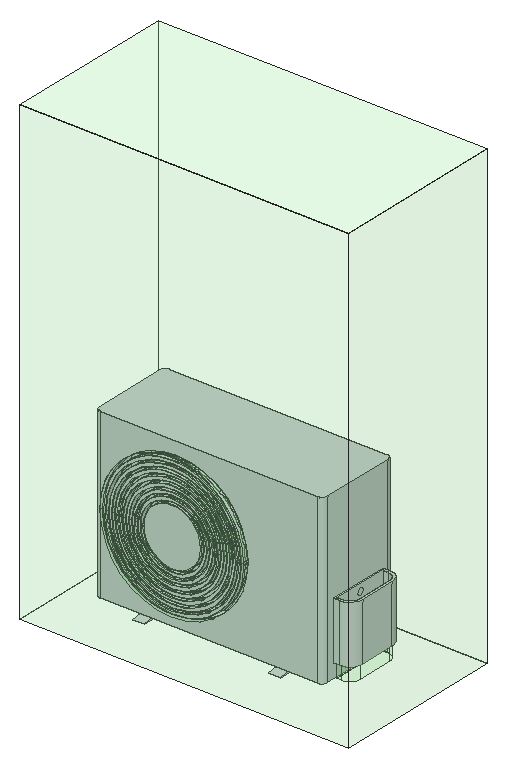
Revit family "BC_Hitachi_RAS2-2.5-HVNP1_LOD400_", category Equipement de génie climatique, Revit 2016
Family settings
  Type d'élément = Normal
  Cote de connecteur circulaire = Utiliser le diamètre
  Numéro OmniClass = 23.75.00.00
  Titre OmniClass = Climate Control (HVAC)
  Basée sur le plan de construction = Non
  Toujours verticalement = Oui
  Couper avec des vides une fois chargée = Non
  Partagée = Non
  Point de calcul de pièce = Non
Parameters (values of type "RAS-2.5HVNP1")
  Sound power at rated load (dB(A)) = 63
  Product Code = "60288616"
  Overall Width = 792.00 mm
  Overall Height = 600.00 mm
  Overall Depth = 300.00 mm
  Number of Poles = "1"
  Nominal heating power input = 1.3 kW
  Nominal cooling power input = 1.22 kW
  Nominal Voltage = 230 V
  Nominal Current = 14 A
  Modèle = "Outdoor Unit - IVX Premium"
  Minimum AC Voltage = 207 V
  Maximum Input Power = 3.6 kW
  Maximum AC Voltage = 253 V
  Mass = 41.00 kg
  Liquid Diameter = 6.35 mm
  Heating Capacity = 6.3 kW
  Gas Diameter = 12.70 mm
  Frequency = 50 Hz
  Fan diameter = 500.00 mm
  Energy Efficiency Ratio (EER) = 4.18
  Sound pressure level heating (dB(A)) = "47"
  Sound pressure level Night mode cooling (dB(A)) = "43"
  Sound pressure level cooling (dB(A)) = "45"
  Service space [instance] = yes
  Running current heating = 5.9 A
  Running current cooling = 5.9 A
  Refrigerant charge = 1.60 kg
  Refrigerant = "R410A"
  Recommended circuit breaker = 20 A
  Nominal heating capacity (min) = 2.2 kW
  Nominal heating capacity (max) = 8 kW
  Nominal cooling capacity (min) = 2.2 kW
  Nominal cooling capacity (max) = 6.3 kW
  Minimum Connected Capacity (%) = "90"
  Maximum Connected Capacity (%) = "110"
  Maximum Air Flow = 40600.0 L/min
  Hight liquid pipe = 111.00 mm
  Hight Gas pipe = 172.00 mm
  Fabricant = "HITACHI"
  Description = "The CENTRIFUGE IVX solution has been created for integrate this outdoor group inside the building"
  Cooling Capacity = 5.6 kW
  Commentaires du type = "RAS HVNP"
  Coefficient Of Performance (COP) = 4.92
Types (2, lengths in mm): name | Sound power at rated load (dB(A)) | Product Code | Nominal heating power input | Nominal cooling power input | Nominal Current | Maximum Input Power | Heating Capacity | Energy Efficiency Ratio (EER) | Sound pressure level heating (dB(A)) | Sound pressure level Night mode cooling (dB(A)) | Sound pressure level cooling (dB(A)) | Running current heating | Running current cooling | Recommended circuit breaker | Nominal heating capacity (max) | Nominal cooling capacity (max) | Cooling Capacity | Coefficient Of Performance (COP)
  RAS-2HVNP1 | 62 | "60288615" | 1.13 kW | 1.17 kW | 12 A | 3.1 kW | 5.6 kW | 4.03 | "49" | "42" | "44" | 5.1 A | 5.3 A | 16 A | 7.1 kW | 5.6 kW | 5 kW | 4.68
  RAS-2.5HVNP1 | 63 | "60288616" | 1.3 kW | 1.22 kW | 14 A | 3.6 kW | 6.3 kW | 4.18 | "47" | "43" | "45" | 5.9 A | 5.9 A | 20 A | 8 kW | 6.3 kW | 5.6 kW | 4.92
Reference planes
  plane 1 "Centre (avant/arrière)": y = 0
  plane 2: z = 0
  plane 3 "Centre (gauche/droite)": x = 0
  plane 4 "Ar": y = 150
  plane 5 "Av": y = -150
  plane 6 "Haut": z = 600
  plane 7 "D": x = 396
  plane 8 "G": x = -396
  plane 9: y = 250
  plane 10: x = -496
  plane 11: x = 646
  plane 12: y = -350
  plane 13 "Service space hight": z = 1600
  plane 14: z = 21
  plane 15: z = 580
  plane 16: z = 41
Forms (mm)
  Extrusion 1, solid, material "Service space walls in 4 directions", visible <- "Service space"
    sketch origin (0, 0, 0) x (1, 0, 0) y (0, 1, 0)
      loop
        line (-496, 250) -> (-496, -350) -> (646, -350) -> (646, 250) -> (-496, 250)
    from 0 to 1600
  Extrusion 2, solid
    sketch origin (0, 0, 0) x (1, 0, 0) y (0, 1, 0)
      loop
        arc (-376, 150) -> (-390.142, 144.142) -> (-396, 130) r 20
        line (-396, 130) -> (-396, -130)
        arc (-396, -130) -> (-390.142, -144.142) -> (-376, -150) r 20
        line (-376, -150) -> (376, -150)
        arc (376, -150) -> (390.142, -144.142) -> (396, -130) r 20
        line (396, -130) -> (396, 130)
        arc (396, 130) -> (390.142, 144.142) -> (376, 150) r 20
        line (376, 150) -> (-376, 150)
    from 21 to 600
  Sweep 3, solid
    path origin (115, -150, 0) x (1, 0, 0) y (0, 0, 1)
      loop
        line (-371, 21) -> (-331, 21)
    profile origin (-236, -150, 21) x (0, 0, 1) y (0, -1, 0)
      loop
        line (0, -150) -> (-21, 10.282) -> (-21, -150) -> (0, -150)
  Sweep 4, solid
    path origin (115, 150, 0) x (1, 0, 0) y (0, 0, -1)
      loop
        line (-371, -21) -> (-331, -21)
    profile origin (-236, 150, 21) x (0, 0, -1) y (0, 1, 0)
      loop
        line (0, -150) -> (21, -150) -> (21, 10.282) -> (0, -150)
  Sweep 5, solid
    path origin (-115, -150, 0) x (-1, 0, 0) y (0, 0, 1)
      loop
        line (-371, 21) -> (-331, 21)
    profile origin (236, -150, 21) x (0, 0, -1) y (0, -1, 0)
      loop
        line (0, -150) -> (21, -150) -> (21, 10.282) -> (0, -150)
  Sweep 6, solid
    path origin (-115, 150, 0) x (-1, 0, 0) y (0, 0, 1)
      loop
        line (-371, 21) -> (-331, 21)
    profile origin (236, 150, 21) x (0, 0, 1) y (0, 1, 0)
      loop
        line (0, -150) -> (-21, 10.282) -> (-21, -150) -> (0, -150)
  Sweep 7, solid
    path origin (396, 0, 0) x (0, 1, 0) y (0, 0, 1)
      loop
        line (0, 273) -> (0, 73)
    profile origin (396, 0, 173) x (-1, 0, 0) y (0, -1, 0)
      loop
        line (0, 108) -> (-24, 108)
        arc (-24, 108) -> (-55.82, 94.82) -> (-69, 63) r 45
        line (-69, 63) -> (-69, -63)
        arc (-69, -63) -> (-55.82, -94.82) -> (-24, -108) r 45
        line (-24, -108) -> (0, -108) -> (0, 108)
  Extrusion 8, void
    sketch origin (396, 0, 273) x (-1, 0, 0) y (0, 1, 0)
      loop
        line (-8, 100) -> (-24, 100)
        arc (-24, 100) -> (-50.163, 89.163) -> (-61, 63) r 37
        line (-61, 63) -> (-61, -63)
        arc (-61, -63) -> (-50.163, -89.163) -> (-24, -100) r 37
        line (-24, -100) -> (-8, -100) -> (-8, 100)
    from 0 to 252
  Extrusion 9, solid
    sketch origin (404, 108, 273) x (0, -1, 0) y (0, 0, -1)
      loop
        circle (108, 80) r 6.35
      loop
        circle (108, 141) r 3.175
    from 0 to 22
  Extrusion 10, solid
    sketch origin (0, 0, 0) x (1, 0, 0) y (0, 0, 1)
      loop
        circle (426, 193) r 6.35
      loop
        circle (426, 132) r 3.175
    from 0 to 20
  Extrusion 11, solid
    sketch origin (404, 108, 273) x (0, -1, 0) y (0, 0, -1)
      loop
        circle (108, 23.117) r 10
    from 0 to 1
  Extrusion 12, solid
    sketch origin (0, -150, 0) x (1, 0, 0) y (0, 0, 1)
      loop
        circle (-113.067, 309.751) r 250
    from 0 to 15
  Extrusion 13, void
    sketch origin (0, -150, 0) x (1, 0, 0) y (0, 0, 1)
      loop
        circle (-113.067, 309.751) r 100
      loop
        circle (-113.067, 309.751) r 110
      loop
        circle (-113.067, 309.751) r 120
      loop
        circle (-113.067, 309.751) r 130
      loop
        circle (-113.067, 309.751) r 140
      loop
        circle (-113.067, 309.751) r 150
      loop
        circle (-113.067, 309.751) r 160
      loop
        circle (-113.067, 309.751) r 170
      loop
        circle (-113.067, 309.751) r 180
      loop
        circle (-113.067, 309.751) r 190
      loop
        circle (-113.067, 309.751) r 200
      loop
        circle (-113.067, 309.751) r 210
      loop
        circle (-113.067, 309.751) r 220
      loop
        circle (-113.067, 309.751) r 230
      loop
        circle (-113.067, 309.751) r 240
      loop
        circle (-113.067, 309.751) r 250
    from -10 to 20
  Extrusion 14, void
    sketch origin (0, -22.5, 21) x (1, 0, 0) y (0, 1, 0)
      loop
        line (-374.995, 0) -> (-374.995, -120) -> (152.505, -120) -> (152.505, 0) -> (-374.995, 0)
    from 20 to 559.629
Cuts and joins
  joined: Sweep 3, Sweep 4
  joined: Sweep 5, Sweep 6
  Extrusion 8, Extrusion 13, Extrusion 14 cuts Extrusion 2
  Extrusion 8, Extrusion 13, Extrusion 14 cuts Sweep 7
  joined: Extrusion 2, Sweep 7
  Extrusion 8, Extrusion 13, Extrusion 14 cuts Extrusion 1
  joined: Extrusion 9, Extrusion 10
  Extrusion 13 cuts Extrusion 12
Lines and regions (mm)
  model lines, style "InvisibleLines"
    curve 1: line (396, 0, 600) -> (396, 0, 21)
    curve 2: line (396, -62.748, 600) -> (396, 57.252, 600)
  model lines, style "MechanicalEquipment"
    curve 3: circle (404, 0, 249.883) r 10 normal (1, 0, 0)
  model lines
    curve 4: line (-374.995, -150, 580.629) -> (152.505, -150, 580.629)
    curve 5: line (-374.995, -150, 41) -> (-374.995, -150, 580.629)
    curve 6: line (152.505, -150, 41) -> (-374.995, -150, 41)
    curve 7: line (152.505, -150, 580.629) -> (152.505, -150, 41)
Dimensions and locks
  equal spacing: plane 4 "Ar", plane 1 "Centre (avant/arrière)", plane 5 "Av"
  "Overall Depth": plane 4 "Ar" to plane 5 "Av"
  "Overall Height": plane 2 to plane 6 "Haut"
  "Overall Width": plane 8 "G" to plane 7 "D"
  locked: plane 9 to plane 4 "Ar" at 100
  locked: plane 10 to plane 8 "G" at 100
  locked: plane 12 to plane 5 "Av" at 200
  locked: plane 7 "D" to plane 11 at 250
  locked: plane 13 "Service space hight" to plane 6 "Haut" at 1000
  equal spacing: plane 8 "G", plane 3 "Centre (gauche/droite)", plane 7 "D"
  locked: plane 14 to plane 2 at 21
  locked: plane 7 "D" to Extrusion 8 sketch curve at 8
  "Hight liquid pipe": Extrusion 9 sketch curve to plane 14
  "Hight Gas pipe": Extrusion 9 sketch curve to plane 14
  locked: plane 6 "Haut" to plane 15 at 20
  locked: plane 16 to plane 14 at 20
  "Gas Diameter": diameter of Extrusion 9 sketch curve
  "Liquid Diameter": diameter of Extrusion 9 sketch curve
  "Gas Diameter": diameter of Extrusion 10 sketch curve
  "Liquid Diameter": diameter of Extrusion 10 sketch curve
  "Fan diameter": diameter of Extrusion 12 sketch curve
  aligned and locked: level to plane 2
  aligned and locked: Extrusion 1 sketch curve to plane 9
  aligned and locked: plane 10 to Extrusion 1 sketch curve
  aligned and locked: Extrusion 1 sketch curve to plane 12
  aligned and locked: plane 11 to Extrusion 1 sketch curve
  aligned and locked: plane 13 "Service space hight" to Extrusion 1
  aligned and locked: Extrusion 2 sketch curve to plane 4 "Ar"
  aligned and locked: plane 8 "G" to Extrusion 2 sketch curve
  aligned and locked: Extrusion 2 sketch curve to plane 5 "Av"
  aligned and locked: plane 7 "D" to Extrusion 2 sketch curve
  aligned and locked: plane 6 "Haut" to Extrusion 2
  aligned and locked: Extrusion 2 to plane 14
  aligned and locked: plane 2 to Sweep 3 sketch curve
  aligned and locked: plane 1 "Centre (avant/arrière)" to curve 1
  aligned and locked: Extrusion 8 to plane 14
  aligned and locked: plane 16 to curve 6
  aligned and locked: Extrusion 14 to curve 4
  aligned and locked: curve 5 to Extrusion 14
  aligned and locked: cut or joined group of Extrusion 1, Extrusion 8, Extrusion 13, Extrusion 14 to curve 5
  aligned and locked: cut or joined group of Extrusion 1, Extrusion 8, Extrusion 13, Extrusion 14 to curve 7
Automatic sketch dimensions
  Sweep 3 sketch curve to plane 14 = 0.00 mm
  plane 8 "G" to Sweep 3 sketch curve = 140.00 mm
  Sweep 3 sketch curve to Sweep 3 sketch curve = 40.00 mm
  profile plane to Sweep 3 sketch curve = 0.00 mm
  Sweep 3 sketch curve to plane 5 "Av" = 150.00 mm
  plane 5 "Av" to Sweep 3 sketch curve = 10.282 mm
  Sweep 4 sketch curve to plane 14 = 0.00 mm
  plane 8 "G" to Sweep 4 sketch curve = 140.00 mm
  Sweep 4 sketch curve to Sweep 4 sketch curve = 40.00 mm
  Sweep 4 sketch curve to profile plane = 0.00 mm
  Sweep 4 sketch curve to profile plane = 21.00 mm
  Sweep 4 sketch curve to profile plane = 150.00 mm
  profile plane to Sweep 4 sketch curve = 10.282 mm
  Sweep 5 sketch curve to plane 14 = 0.00 mm
  Sweep 5 sketch curve to plane 7 "D" = 140.00 mm
  Sweep 5 sketch curve to Sweep 5 sketch curve = 40.00 mm
  Sweep 5 sketch curve to profile plane = 0.00 mm
  Sweep 5 sketch curve to profile plane = 21.00 mm
  Sweep 5 sketch curve to plane 5 "Av" = 150.00 mm
  plane 5 "Av" to Sweep 5 sketch curve = 10.282 mm
  Sweep 6 sketch curve to plane 14 = 0.00 mm
  plane 7 "D" to Sweep 6 sketch curve = 140.00 mm
  Sweep 6 sketch curve to Sweep 6 sketch curve = 40.00 mm
  profile plane to Sweep 6 sketch curve = 0.00 mm
  Sweep 6 sketch curve to Sweep 6 sketch curve = 21.00 mm
  Sweep 6 sketch curve to profile plane = 150.00 mm
  profile plane to Sweep 6 sketch curve = 10.282 mm
  curve 1 to plane 14 = 0.00 mm
  curve 1 to plane 6 "Haut" = 0.00 mm
  curve 2 to plane 7 "D" = 0.00 mm
  plane 1 "Centre (avant/arrière)" to curve 2 = 62.748 mm
  curve 2 to plane 1 "Centre (avant/arrière)" = 57.252 mm
  Sweep 7 sketch curve to plane 1 "Centre (avant/arrière)" = 0.00 mm
  Sweep 7 sketch curve to plane 14 = 52.00 mm
  Sweep 7 sketch curve to Sweep 7 sketch curve = 200.00 mm
  Sweep 7 sketch curve to plane 7 "D" = 0.00 mm
  Sweep 7 sketch curve to plane 7 "D" = 24.00 mm  (x2)
  Sweep 7 sketch curve to Sweep 7 sketch curve = 45.00 mm
  profile plane to Sweep 7 sketch curve = 108.00 mm
  Sweep 7 sketch curve to profile plane = 63.00 mm
  Extrusion 8 sketch curve to Sweep 7 = 8.00 mm  (x2)
  Extrusion 8 sketch curve to Sweep 7 = 24.00 mm  (x2)
  Extrusion 8 sketch curve to Sweep 7 = 45.00 mm
  Extrusion 8 to curve 3 = 23.117 mm
  curve 3 to Extrusion 8 = 100.00 mm
  Extrusion 8 to Extrusion 11 sketch curve = 23.117 mm
  Extrusion 11 sketch curve to Extrusion 8 = 100.00 mm
  plane 8 "G" to Extrusion 2 sketch curve = 20.00 mm
  Extrusion 2 sketch curve to plane 4 "Ar" = 20.00 mm
  plane 7 "D" to Extrusion 2 sketch curve = 20.00 mm
  Extrusion 2 sketch curve to Extrusion 2 sketch curve = 20.00 mm
  Extrusion 13 sketch curve to plane 3 "Centre (gauche/droite)" = 113.067 mm
  plane 16 to Extrusion 13 sketch curve = 268.751 mm
  Extrusion 13 sketch curve to Extrusion 13 sketch curve = 0.00 mm  (x30)
  Extrusion 2 to Extrusion 14 sketch curve = 21.005 mm
  Extrusion 2 to Extrusion 14 sketch curve = 7.50 mm
  Extrusion 2 to Extrusion 14 sketch curve = 243.495 mm
  Extrusion 14 sketch curve to Extrusion 14 sketch curve = 120.00 mm
  Extrusion 9 sketch curve to Extrusion 8 = 100.00 mm
  Extrusion 9 sketch curve to Extrusion 9 sketch curve = 0.00 mm
  Extrusion 10 sketch curve to plane 7 "D" = 30.00 mm  (x2)
  plane 16 to Extrusion 10 sketch curve = 91.00 mm
  Extrusion 10 sketch curve to Extrusion 10 sketch curve = 61.00 mm
  Extrusion 12 sketch curve to plane 3 "Centre (gauche/droite)" = 113.067 mm
  plane 16 to Extrusion 12 sketch curve = 268.751 mm
  radius of curve 3 = 10.00 mm
  radius of Extrusion 11 sketch curve = 10.00 mm
  radius of Extrusion 13 sketch curve = 100.00 mm
  radius of Extrusion 13 sketch curve = 110.00 mm
  radius of Extrusion 13 sketch curve = 120.00 mm
  radius of Extrusion 13 sketch curve = 130.00 mm
  radius of Extrusion 13 sketch curve = 140.00 mm
  radius of Extrusion 13 sketch curve = 150.00 mm
  radius of Extrusion 13 sketch curve = 160.00 mm
  radius of Extrusion 13 sketch curve = 170.00 mm
  radius of Extrusion 13 sketch curve = 180.00 mm
  radius of Extrusion 13 sketch curve = 190.00 mm
  radius of Extrusion 13 sketch curve = 200.00 mm
  radius of Extrusion 13 sketch curve = 210.00 mm
  radius of Extrusion 13 sketch curve = 220.00 mm
  radius of Extrusion 13 sketch curve = 230.00 mm
  radius of Extrusion 13 sketch curve = 240.00 mm
  radius of Extrusion 13 sketch curve = 250.00 mm
Connectors
  piping at (426, -20, 193), diameter 12.7, driven by "Gas Diameter"
    settings: on cut or joined group of Extrusion 9, Extrusion 10, index 1, connector inside diameter 609.6 mm, connector length 0.00 mm, flow factor 0, pipe flow 0.0 L/s, pressure drop 0.0 Pa, fitting loss kfactor 0, connector angle 0.00°, fixture units 0, engagement length 0.00 mm, angle of deflection 0.00°, flow configuration 0, flow direction 0, fitting loss method 0, system type 29, joint type 0, gender type 0, connector reference index -1, connector utility 0, adjustable connector no, is connector primary yes, connector description ""
  piping at (426, -20, 132), diameter 6.35, driven by "Liquid Diameter"
    settings: on cut or joined group of Extrusion 9, Extrusion 10, index 2, connector inside diameter 609.6 mm, connector length 0.00 mm, flow factor 0, pipe flow 0.0 L/s, pressure drop 0.0 Pa, fitting loss kfactor 0, connector angle 0.00°, fixture units 0, engagement length 0.00 mm, angle of deflection 0.00°, flow configuration 0, flow direction 2, fitting loss method 0, system type 16, joint type 0, gender type 0, connector reference index -1, connector utility 0, adjustable connector no, is connector primary no, connector description ""
  electrical at (405, 0, 249.883), driven by "Nominal Voltage"
    settings: on Extrusion 11, index 3, voltage 230 V, apparent load 0 VA, apparent load phase1 0 VA, apparent load phase2 0 VA, apparent load phase3 0 VA, power factor 1, load classification "Autre", number of poles 1, system type 30, power factor state 1, is connector primary yes, connector utility no, sub classification motor no, connector description ""
